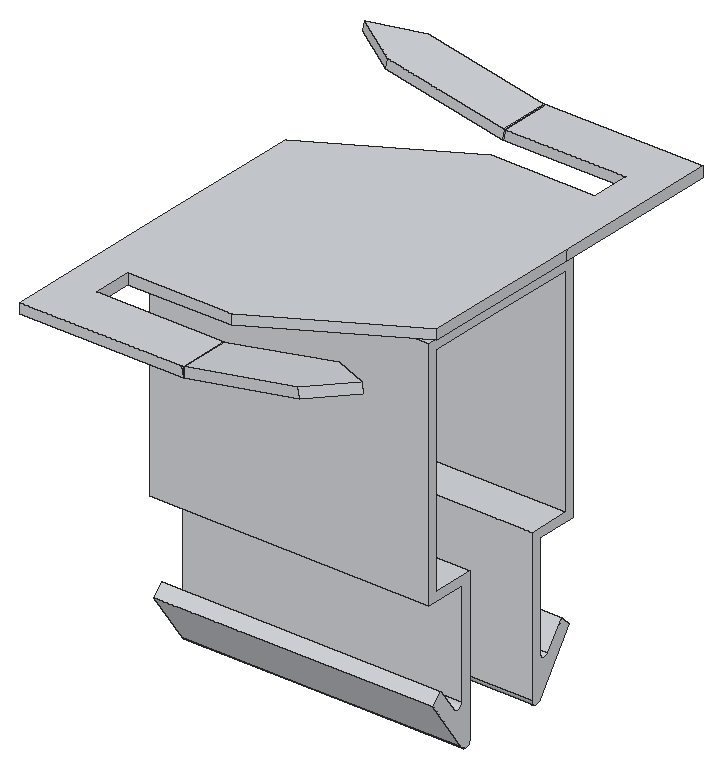
Revit family "Mounting Brackets PNHR-096", category Generic Models, Revit 2017
Family settings
  Can host rebar = No
  Round Connector Dimension = Use Diameter
  Part Type = Normal
  Work Plane-Based = Yes
  Always vertical = No
  Cut with Voids When Loaded = No
  Shared = No
  Room Calculation Point = No
Parameters (values of type "B35-C")
  Pendulum Visibility = no
  Pendulum Start = 49.214 mm
  Pendulum Hight [instance] = 250 mm
  B35-C = yes
  B35 = no
  BSK = no
  B24 = no
  B14 = no
  Mounting_Material = Aluminum 7175 T73 0 Hot Formed
  Model = "B35-C"
  Manufacturer = "Veko Lightsystems"
  Find - Bracket Article Number = "https://www.veko.com/images/documentation/products/Manual_Veko_linear_system_IP20-65_brackets.pdf"
  Description = "Mounting Brackets"
  Default Elevation = 1219.2 mm
  Bracket_Width = 17.5 mm
  Copyright © IVLighting = "www.ivlighting.nl"
  Bracket Article Number = "*User Defined"
  Bolt_Visibility = no
  Bolt_Material = Brass, Soft Yellow, Welded
  Assembly Code = "63.0"
Types (6, lengths in mm): name | Pendulum Start | Pendulum Hight | B35-C | B35 | BSK | B24 | B14 | Model
  (no name) | 49.214 | 250 | yes | no | no | no | no | "B35-C"
  B14 | 46.605 | 250 | no | no | no | no | yes | "B14"
  B24 | 90.211 | 250 | no | no | no | yes | no | "B24"
  BSK | 72.72 | 177.28 | no | no | yes | no | no | "BSK"
  B35 | 48.605 | 201.395 | no | yes | no | no | no | "B35"
  B35-C | 49.214 | 250 | yes | no | no | no | no | "B35-C"
Reference planes
  plane 1 "Center (Front/Back)": y = 0
  plane 2: z = 0
  plane 3 "Center (Left/Right)": x = 0
Forms (mm)
  Extrusion 1, solid, visible <- "B14"
    sketch origin (0, 0, 0) x (0, 1, 0) y (0, 0, 1)
      loop
        line (4.533, 28.165) -> (2.267, 28.165) -> (2.267, 30.175) -> (0.73, 31.465) -> (0.73, 46.605) -> (-0.652, 46.605) -> (-0.652, 31.531) -> (-2.267, 30.175) -> (-2.267, 28.165) -> (-4.533, 28.165) -> (-6.218, 26.48) -> (-6.218, 23.733) -> (0, 23.733) -> (6.218, 23.733) -> (6.218, 26.48) -> (4.533, 28.165)
    from -8.75 to 8.75
  Extrusion 2, solid, material "Aluminum 7175 T73 0 Hot Formed", visible <- "B24"
    sketch origin (0, 0, 0) x (0, 1, 0) y (0, 0, 1)
      loop
        line (4.533, 28.165) -> (2.045, 28.165) -> (2.045, 30.211) -> (12.468, 30.211) -> (12.468, 90.211) -> (-6.218, 90.211) -> (-6.218, 86.79) -> (-4.773, 86.79) -> (-4.773, 88.776) -> (10.718, 88.776) -> (10.718, 31.777) -> (-12.468, 31.777) -> (-12.468, 30.211) -> (-2.037, 30.211) -> (-2.037, 28.165) -> (-4.533, 28.165) -> (-6.218, 26.48) -> (-6.218, 23.733) -> (0, 23.733) -> (6.218, 23.733) -> (6.218, 26.48) -> (4.533, 28.165)
    from -8.75 to 8.75
  Extrusion 3, solid, visible <- "BSK"
    sketch origin (0, 0, 0) x (0, 1, 0) y (0, 0, 1)
      loop
        line (4.533, 28.165) -> (2.267, 28.165) -> (2.267, 29.003) -> (1.256, 30.209) -> (-1.256, 30.209) -> (-2.267, 29.003) -> (-2.267, 28.165) -> (-4.533, 28.165) -> (-6.218, 26.48) -> (-6.218, 23.733) -> (0, 23.733) -> (6.218, 23.733) -> (6.218, 26.48) -> (4.533, 28.165)
    from -8.75 to 8.75
  Revolve 4, solid, visible <- "BSK"
    sketch origin (0, 0, 0) x (0, 1, 0) y (0, 0, 1)
      loop
        line (0, 30.209) -> (2.267, 30.209) -> (2.267, 67.425) -> (1.27, 67.425) -> (1.27, 72.72) -> (0, 72.72) -> (0, 30.209)
      axis (0, 72.72) -> (0, 30.209)
    angle from 0 to 360
  Extrusion 5, solid, material "Aluminum 7175 T73 0 Hot Formed", visible <- "B35"
    sketch origin (0, 0, 0) x (0, 1, 0) y (0, 0, 1)
      loop
        line (4.74, 28.665) -> (3.683, 27.155)
        arc (3.683, 27.155) -> (3.298, 27.024) -> (3.057, 27.352) r 0.344
        line (3.057, 27.352) -> (3.057, 33.9) -> (5.647, 33.9) -> (5.647, 48.605) -> (0, 48.605) -> (-5.647, 48.605) -> (-5.647, 33.9) -> (-3.057, 33.9) -> (-3.057, 27.352)
        arc (-3.057, 27.352) -> (-3.298, 27.024) -> (-3.683, 27.155) r 0.344
        line (-3.683, 27.155) -> (-4.74, 28.665) -> (-5.339, 28.066) -> (-3.043, 24.787)
        arc (-3.043, 24.787) -> (-2.691, 24.668) -> (-2.471, 24.967) r 0.314
        line (-2.471, 24.967) -> (-2.471, 34.442) -> (-5.087, 34.442) -> (-5.087, 48.023) -> (0, 48.023) -> (5.087, 48.023) -> (5.087, 34.442) -> (2.471, 34.442) -> (2.471, 24.967)
        arc (2.471, 24.967) -> (2.691, 24.668) -> (3.043, 24.787) r 0.314
        line (3.043, 24.787) -> (5.339, 28.066) -> (4.74, 28.665)
    from -8.75 to 8.75
  Extrusion 6, solid, visible <- "B35-C"
    sketch origin (0, 0, 0) x (0, 1, 0) y (0, 0, 1)
      loop
        line (4.74, 28.665) -> (3.683, 27.155)
        arc (3.683, 27.155) -> (3.298, 27.024) -> (3.057, 27.352) r 0.344
        line (3.057, 27.352) -> (3.057, 33.9) -> (5.647, 33.9) -> (5.647, 48.605) -> (0, 48.605) -> (-5.647, 48.605) -> (-5.647, 33.9) -> (-3.057, 33.9) -> (-3.057, 27.352)
        arc (-3.057, 27.352) -> (-3.298, 27.024) -> (-3.683, 27.155) r 0.344
        line (-3.683, 27.155) -> (-4.74, 28.665) -> (-5.339, 28.066) -> (-3.043, 24.787)
        arc (-3.043, 24.787) -> (-2.691, 24.668) -> (-2.471, 24.967) r 0.314
        line (-2.471, 24.967) -> (-2.471, 34.442) -> (-5.087, 34.442) -> (-5.087, 48.023) -> (0, 48.023) -> (5.087, 48.023) -> (5.087, 34.442) -> (2.471, 34.442) -> (2.471, 24.967)
        arc (2.471, 24.967) -> (2.691, 24.668) -> (3.043, 24.787) r 0.314
        line (3.043, 24.787) -> (5.339, 28.066) -> (4.74, 28.665)
    from -8.75 to 8.75
  Extrusion 7, solid, visible <- "B35-C"
    sketch origin (0, 0, 25.103) x (1, 0, 0) y (0, 1, 0)
      loop
        line (0, 10.171) -> (-8.808, 5.085) -> (-8.808, -5.085) -> (-8.808, -15.775) -> (1.45, -15.775) -> (1.45, -12.61) -> (-6.497, -12.61) -> (-6.497, -10.171) -> (0, -10.171) -> (8.808, -5.085) -> (8.808, 5.085) -> (8.808, 15.743) -> (-1.182, 15.743) -> (-1.182, 12.579) -> (6.497, 12.579) -> (6.497, 10.171) -> (0, 10.171)
    from 23.478 to 24.111
  Extrusion 8, solid, visible <- "B35-C"
    sketch origin (4.609, -28.355, 25.263) x (-0.981627, 0, -0.190809) y (0, -1, 0)
      loop
        line (-8.808, -12.579) -> (-11.549, -14.161) -> (-8.808, -15.743) -> (-1.345, -15.743) -> (-1.345, -12.579) -> (-8.808, -12.579)
    from 23.478 to 24.111
  Extrusion 9, solid, visible <- "B35-C"
    sketch origin (-4.342, -0.026, 25.263) x (0.981627, 0, -0.190809) y (0, 1, 0)
      loop
        line (-8.808, 12.579) -> (-1.345, 12.579) -> (-1.345, 15.743) -> (-8.808, 15.743) -> (-11.549, 14.161) -> (-8.808, 12.579)
    from 23.478 to 24.111
  Extrusion 10, solid, visible <- "Pendulum Visibility"
    sketch origin (0, 0, 0) x (1, 0, 0) y (0, 1, 0)
      loop
        circle (0, 0) r 1
    from 49.214 to 299.214
Lines and regions (mm)
  model lines, not visible
    curve 1: circle (0, 0, 24.103) r 5.795 normal (0, 0, 1)
    curve 2: circle (0, 0, 24.103) r 5 normal (0, 0, 1)
    curve 3: circle (0, 0, 24.103) r 2.19 normal (0, 0, 1)
    curve 4: circle (0, 0, 24.103) r 5.795 normal (0, 0, 1)
    curve 5: circle (0, 0, 24.103) r 5 normal (0, 0, 1)
    curve 6: circle (0, 0, 24.103) r 2.19 normal (0, 0, 1)
    curve 7: circle (0, 0, 24.103) r 5.795 normal (0, 0, 1)
    curve 8: circle (0, 0, 24.103) r 5 normal (0, 0, 1)
    curve 9: circle (0, 0, 24.103) r 2.19 normal (0, 0, 1)
    curve 10: circle (0, 0, 24.103) r 5.795 normal (0, 0, 1)
    curve 11: circle (0, 0, 24.103) r 5 normal (0, 0, 1)
    curve 12: circle (0, 0, 24.103) r 2.19 normal (0, 0, 1)
    curve 16: circle (-0.121, 0, 31.139) r 5.795 normal (0, 0, 1)
    curve 17: circle (-0.121, 0, 31.139) r 5 normal (0, 0, 1)
    curve 18: circle (-0.121, 0, 31.139) r 2.19 normal (0, 0, 1)
  model lines, visible <- "B35-C"
    curve 13: circle (0, 0, 49.206) r 5.795 normal (0, 0, 1)
    curve 14: circle (0, 0, 49.206) r 5 normal (0, 0, 1)
    curve 15: circle (0, 0, 49.206) r 2.19 normal (0, 0, 1)
Dimensions and locks
  equal spacing: Extrusion 1, plane 3 "Center (Left/Right)", Extrusion 1
  "Bracket_Width": Extrusion 1 to Extrusion 1
  equal spacing: Extrusion 2 sketch curve, plane 1 "Center (Front/Back)", Extrusion 2 sketch curve
  equal spacing: Extrusion 2, plane 3 "Center (Left/Right)", Extrusion 2
  "Bracket_Width": Extrusion 2 to Extrusion 2
  equal spacing: Extrusion 3, plane 3 "Center (Left/Right)", Extrusion 3
  "Bracket_Width": Extrusion 3 to Extrusion 3
  equal spacing: Extrusion 5, plane 3 "Center (Left/Right)", Extrusion 5
  "Bracket_Width": Extrusion 5 to Extrusion 5
  equal spacing: Extrusion 6, plane 3 "Center (Left/Right)", Extrusion 6
  "Bracket_Width": Extrusion 6 to Extrusion 6
  "Pendulum Start": plane 2 to Extrusion 10
  "Pendulum Hight": Extrusion 10 to Extrusion 10
  aligned and locked: level to plane 2
Automatic sketch dimensions
  curve 1 to curve 2 = 0 mm  (x2)
  curve 1 to curve 3 = 0 mm  (x2)
  curve 1 to curve 4 = 0 mm  (x2)
  curve 1 to curve 5 = 0 mm  (x2)
  curve 1 to curve 6 = 0 mm  (x2)
  curve 1 to curve 7 = 0 mm  (x2)
  curve 1 to curve 8 = 0 mm  (x2)
  curve 1 to curve 9 = 0 mm  (x2)
  curve 1 to curve 10 = 0 mm  (x2)
  curve 1 to curve 11 = 0 mm  (x2)
  curve 1 to curve 12 = 0 mm  (x2)
  curve 2 to curve 3 = 0 mm  (x2)
  curve 2 to curve 4 = 0 mm  (x2)
  curve 2 to curve 5 = 0 mm  (x2)
  curve 2 to curve 6 = 0 mm  (x2)
  curve 2 to curve 7 = 0 mm  (x2)
  curve 2 to curve 8 = 0 mm  (x2)
  curve 2 to curve 9 = 0 mm  (x2)
  curve 2 to curve 10 = 0 mm  (x2)
  curve 2 to curve 11 = 0 mm  (x2)
  curve 2 to curve 12 = 0 mm  (x2)
  curve 3 to curve 4 = 0 mm  (x2)
  curve 3 to curve 5 = 0 mm  (x2)
  curve 3 to curve 6 = 0 mm  (x2)
  curve 3 to curve 7 = 0 mm  (x2)
  curve 3 to curve 8 = 0 mm  (x2)
  curve 3 to curve 9 = 0 mm  (x2)
  curve 3 to curve 10 = 0 mm  (x2)
  curve 3 to curve 11 = 0 mm  (x2)
  curve 3 to curve 12 = 0 mm  (x2)
  curve 4 to curve 5 = 0 mm  (x2)
  curve 4 to curve 6 = 0 mm  (x2)
  curve 4 to curve 7 = 0 mm  (x2)
  curve 4 to curve 8 = 0 mm  (x2)
  curve 4 to curve 9 = 0 mm  (x2)
  curve 4 to curve 10 = 0 mm  (x2)
  curve 4 to curve 11 = 0 mm  (x2)
  curve 4 to curve 12 = 0 mm  (x2)
  curve 5 to curve 6 = 0 mm  (x2)
  curve 5 to curve 7 = 0 mm  (x2)
  curve 5 to curve 8 = 0 mm  (x2)
  curve 5 to curve 9 = 0 mm  (x2)
  curve 5 to curve 10 = 0 mm  (x2)
  curve 5 to curve 11 = 0 mm  (x2)
  curve 5 to curve 12 = 0 mm  (x2)
  curve 6 to curve 7 = 0 mm  (x2)
  curve 6 to curve 8 = 0 mm  (x2)
  curve 6 to curve 9 = 0 mm  (x2)
  curve 6 to curve 10 = 0 mm  (x2)
  curve 6 to curve 11 = 0 mm  (x2)
  curve 6 to curve 12 = 0 mm  (x2)
  curve 7 to curve 8 = 0 mm  (x2)
  curve 7 to curve 9 = 0 mm  (x2)
  curve 7 to curve 10 = 0 mm  (x2)
  curve 7 to curve 11 = 0 mm  (x2)
  curve 7 to curve 12 = 0 mm  (x2)
  curve 8 to curve 9 = 0 mm  (x2)
  curve 8 to curve 10 = 0 mm  (x2)
  curve 8 to curve 11 = 0 mm  (x2)
  curve 8 to curve 12 = 0 mm  (x2)
  curve 9 to curve 10 = 0 mm  (x2)
  curve 9 to curve 11 = 0 mm  (x2)
  curve 9 to curve 12 = 0 mm  (x2)
  curve 10 to curve 11 = 0 mm  (x2)
  curve 10 to curve 12 = 0 mm  (x2)
  curve 11 to curve 12 = 0 mm  (x2)
  plane 1 "Center (Front/Back)" to curve 1 = 0 mm
  curve 1 to plane 3 "Center (Left/Right)" = 0 mm
  Extrusion 1 sketch curve to plane 1 "Center (Front/Back)" = 0 mm
  plane 1 "Center (Front/Back)" to Extrusion 1 sketch curve = 0.652 mm
  Extrusion 1 sketch curve to Extrusion 1 sketch curve = 1.615 mm
  Extrusion 1 sketch curve to Extrusion 1 sketch curve = 2.266 mm  (x2)
  Extrusion 1 sketch curve to Extrusion 1 sketch curve = 1.684 mm  (x4)
  Extrusion 1 sketch curve to plane 1 "Center (Front/Back)" = 0.73 mm
  Extrusion 1 sketch curve to plane 1 "Center (Front/Back)" = 2.267 mm
  Extrusion 1 sketch curve to Extrusion 1 sketch curve = 15.075 mm
  Extrusion 1 sketch curve to Extrusion 1 sketch curve = 0.066 mm
  Extrusion 1 sketch curve to Extrusion 1 sketch curve = 1.29 mm
  Extrusion 1 sketch curve to Extrusion 1 sketch curve = 1.355 mm
  Extrusion 1 sketch curve to Extrusion 1 sketch curve = 2.01 mm  (x2)
  Extrusion 1 sketch curve to Extrusion 1 sketch curve = 4.431 mm
  Extrusion 2 sketch curve to plane 1 "Center (Front/Back)" = 0 mm
  plane 1 "Center (Front/Back)" to Extrusion 2 sketch curve = 2.037 mm
  Extrusion 2 sketch curve to Extrusion 2 sketch curve = 2.496 mm
  plane 1 "Center (Front/Back)" to Extrusion 2 sketch curve = 4.773 mm
  Extrusion 2 sketch curve to Extrusion 2 sketch curve = 1.684 mm  (x4)
  Extrusion 2 sketch curve to Extrusion 2 sketch curve = 1.445 mm
  Extrusion 2 sketch curve to Extrusion 2 sketch curve = 6.25 mm
  Extrusion 2 sketch curve to plane 1 "Center (Front/Back)" = 2.045 mm
  Extrusion 2 sketch curve to Extrusion 2 sketch curve = 2.488 mm
  Extrusion 2 sketch curve to Extrusion 2 sketch curve = 1.749 mm
  Extrusion 2 sketch curve to Extrusion 2 sketch curve = 1.435 mm
  Extrusion 2 sketch curve to Extrusion 2 sketch curve = 1.986 mm
  level to Extrusion 2 sketch curve = 31.777 mm
  Extrusion 2 sketch curve to Extrusion 2 sketch curve = 1.567 mm
  Extrusion 2 sketch curve to Extrusion 2 sketch curve = 0 mm
  Extrusion 2 sketch curve to Extrusion 2 sketch curve = 2.046 mm  (x2)
  Extrusion 2 sketch curve to Extrusion 2 sketch curve = 4.431 mm
  Extrusion 3 sketch curve to plane 1 "Center (Front/Back)" = 0 mm
  plane 1 "Center (Front/Back)" to Extrusion 3 sketch curve = 1.256 mm
  plane 1 "Center (Front/Back)" to Extrusion 3 sketch curve = 2.267 mm
  Extrusion 3 sketch curve to Extrusion 3 sketch curve = 2.266 mm  (x2)
  Extrusion 3 sketch curve to Extrusion 3 sketch curve = 1.684 mm  (x4)
  Extrusion 3 sketch curve to plane 1 "Center (Front/Back)" = 1.256 mm
  Extrusion 3 sketch curve to Extrusion 3 sketch curve = 1.012 mm
  level to Extrusion 3 sketch curve = 23.733 mm
  Extrusion 3 sketch curve to Extrusion 3 sketch curve = 2.747 mm  (x2)
  Extrusion 3 sketch curve to Extrusion 3 sketch curve = 0.839 mm  (x2)
  Extrusion 3 sketch curve to Extrusion 3 sketch curve = 1.205 mm
  Revolve 4 sketch curve to plane 1 "Center (Front/Back)" = 0 mm  (x2)
  Revolve 4 sketch curve to plane 1 "Center (Front/Back)" = 1.27 mm
  Revolve 4 sketch curve to plane 1 "Center (Front/Back)" = 2.267 mm
  level to Revolve 4 sketch curve = 30.209 mm
  Revolve 4 sketch curve to Revolve 4 sketch curve = 37.216 mm
  Revolve 4 sketch curve to Revolve 4 sketch curve = 5.295 mm
  level to Revolve 4 sketch curve = 12.849 mm
  Revolve 4 sketch curve to Revolve 4 sketch curve = 4.577 mm
  Extrusion 5 sketch curve to plane 1 "Center (Front/Back)" = 0 mm  (x2)
  plane 1 "Center (Front/Back)" to Extrusion 5 sketch curve = 2.471 mm
  Extrusion 5 sketch curve to Extrusion 5 sketch curve = 0.314 mm  (x2)
  Extrusion 5 sketch curve to Extrusion 5 sketch curve = 0.257 mm  (x2)
  Extrusion 5 sketch curve to Extrusion 5 sketch curve = 0.586 mm  (x2)
  Extrusion 5 sketch curve to Extrusion 5 sketch curve = 0.344 mm  (x2)
  Extrusion 5 sketch curve to Extrusion 5 sketch curve = 0.282 mm  (x2)
  Extrusion 5 sketch curve to Extrusion 5 sketch curve = 1.057 mm  (x2)
  Extrusion 5 sketch curve to Extrusion 5 sketch curve = 2.03 mm
  Extrusion 5 sketch curve to Extrusion 5 sketch curve = 0.598 mm  (x4)
  Extrusion 5 sketch curve to Extrusion 5 sketch curve = 0.56 mm  (x2)
  Extrusion 5 sketch curve to plane 1 "Center (Front/Back)" = 2.471 mm
  Extrusion 5 sketch curve to plane 1 "Center (Front/Back)" = 5.087 mm
  Extrusion 5 sketch curve to Extrusion 5 sketch curve = 0.582 mm
  Extrusion 5 sketch curve to Extrusion 5 sketch curve = 13.581 mm
  Extrusion 5 sketch curve to Extrusion 5 sketch curve = 0 mm
  Extrusion 5 sketch curve to Extrusion 5 sketch curve = 0.542 mm  (x2)
  Extrusion 5 sketch curve to Extrusion 5 sketch curve = 5.235 mm  (x2)
  Extrusion 5 sketch curve to Extrusion 5 sketch curve = 1.313 mm  (x2)
  Extrusion 5 sketch curve to Extrusion 5 sketch curve = 2.187 mm
  Extrusion 5 sketch curve to Extrusion 5 sketch curve = 2.385 mm
  Extrusion 6 sketch curve to plane 1 "Center (Front/Back)" = 0 mm  (x2)
  plane 1 "Center (Front/Back)" to Extrusion 6 sketch curve = 2.471 mm
  Extrusion 6 sketch curve to Extrusion 6 sketch curve = 0.314 mm  (x2)
  Extrusion 6 sketch curve to Extrusion 6 sketch curve = 0.257 mm  (x2)
  Extrusion 6 sketch curve to Extrusion 6 sketch curve = 0.586 mm  (x2)
  Extrusion 6 sketch curve to Extrusion 6 sketch curve = 0.344 mm  (x2)
  Extrusion 6 sketch curve to Extrusion 6 sketch curve = 0.282 mm  (x2)
  Extrusion 6 sketch curve to Extrusion 6 sketch curve = 1.057 mm  (x2)
  Extrusion 6 sketch curve to Extrusion 6 sketch curve = 2.03 mm
  Extrusion 6 sketch curve to Extrusion 6 sketch curve = 0.598 mm  (x4)
  Extrusion 6 sketch curve to Extrusion 6 sketch curve = 0.56 mm  (x2)
  Extrusion 6 sketch curve to plane 1 "Center (Front/Back)" = 2.471 mm
  Extrusion 6 sketch curve to plane 1 "Center (Front/Back)" = 5.087 mm
  level to Extrusion 6 sketch curve = 24.787 mm
  Extrusion 6 sketch curve to Extrusion 6 sketch curve = 0.18 mm
  Extrusion 6 sketch curve to Extrusion 6 sketch curve = 2.187 mm  (x2)
  Extrusion 6 sketch curve to Extrusion 6 sketch curve = 0.912 mm  (x2)
  Extrusion 6 sketch curve to Extrusion 6 sketch curve = 5.235 mm  (x2)
  Extrusion 6 sketch curve to Extrusion 6 sketch curve = 0.542 mm  (x2)
  Extrusion 6 sketch curve to Extrusion 6 sketch curve = 13.581 mm
  Extrusion 6 sketch curve to Extrusion 6 sketch curve = 0.582 mm
  curve 13 to curve 14 = 0 mm  (x2)
  curve 13 to curve 15 = 0 mm  (x2)
  curve 14 to curve 15 = 0 mm  (x2)
  plane 1 "Center (Front/Back)" to curve 14 = 0 mm
  curve 14 to plane 3 "Center (Left/Right)" = 0 mm
  Extrusion 7 sketch curve to plane 3 "Center (Left/Right)" = 0 mm  (x2)
  Extrusion 7 sketch curve to plane 3 "Center (Left/Right)" = 1.182 mm
  Extrusion 7 sketch curve to plane 3 "Center (Left/Right)" = 6.497 mm
  Extrusion 7 sketch curve to Extrusion 7 sketch curve = 2.311 mm  (x2)
  plane 3 "Center (Left/Right)" to Extrusion 7 sketch curve = 1.45 mm
  Extrusion 7 sketch curve to Extrusion 7 sketch curve = 6.497 mm
  plane 1 "Center (Front/Back)" to Extrusion 7 sketch curve = 15.775 mm
  Extrusion 7 sketch curve to Extrusion 7 sketch curve = 3.164 mm  (x2)
  Extrusion 7 sketch curve to Extrusion 7 sketch curve = 2.439 mm
  plane 1 "Center (Front/Back)" to Extrusion 7 sketch curve = 5.085 mm  (x2)
  Extrusion 7 sketch curve to plane 1 "Center (Front/Back)" = 5.085 mm  (x2)
  Extrusion 7 sketch curve to Extrusion 7 sketch curve = 5.085 mm
  Extrusion 7 sketch curve to Extrusion 7 sketch curve = 2.408 mm
  plane 1 "Center (Front/Back)" to Extrusion 8 sketch curve = 14.194 mm
  plane 1 "Center (Front/Back)" to Extrusion 8 sketch curve = 15.776 mm
  Extrusion 8 sketch curve to Extrusion 8 sketch curve = 2.74 mm
  plane 1 "Center (Front/Back)" to Extrusion 8 sketch curve = 12.612 mm
  Extrusion 8 sketch curve to Extrusion 8 sketch curve = 0 mm
  Extrusion 8 sketch curve to Extrusion 8 sketch curve = 7.463 mm
  Extrusion 9 sketch curve to plane 1 "Center (Front/Back)" = 14.135 mm
  Extrusion 9 sketch curve to plane 1 "Center (Front/Back)" = 12.553 mm
  Extrusion 9 sketch curve to Extrusion 9 sketch curve = 2.74 mm  (x2)
  Extrusion 9 sketch curve to plane 1 "Center (Front/Back)" = 15.717 mm
  Extrusion 9 sketch curve to Extrusion 9 sketch curve = 7.463 mm
  curve 16 to curve 17 = 0 mm  (x2)
  curve 16 to curve 18 = 0 mm  (x2)
  curve 17 to curve 18 = 0 mm  (x2)
  plane 1 "Center (Front/Back)" to curve 17 = 0 mm
  curve 17 to plane 3 "Center (Left/Right)" = 0.121 mm
  level to Extrusion 1 sketch curve = 23.733 mm
  Extrusion 2 sketch curve to Extrusion 2 sketch curve = 55.013 mm
  level to Extrusion 5 sketch curve = 24.787 mm
  plane 1 "Center (Front/Back)" to Extrusion 10 sketch curve = 0 mm
  Extrusion 10 sketch curve to plane 3 "Center (Left/Right)" = 0 mm
  radius of curve 1 = 5.795 mm
  radius of curve 2 = 5 mm
  radius of curve 3 = 2.19 mm
  radius of curve 4 = 5.795 mm
  radius of curve 5 = 5 mm
  radius of curve 6 = 2.19 mm
  radius of curve 7 = 5.795 mm
  radius of curve 8 = 5 mm
  radius of curve 9 = 2.19 mm
  radius of curve 10 = 5.795 mm
  radius of curve 11 = 5 mm
  radius of curve 12 = 2.19 mm
  radius of curve 13 = 5.795 mm
  radius of curve 14 = 5 mm
  radius of curve 15 = 2.19 mm
  radius of curve 16 = 5.795 mm
  radius of curve 17 = 5 mm
  radius of curve 18 = 2.19 mm
  radius of Extrusion 10 sketch curve = 1 mm
